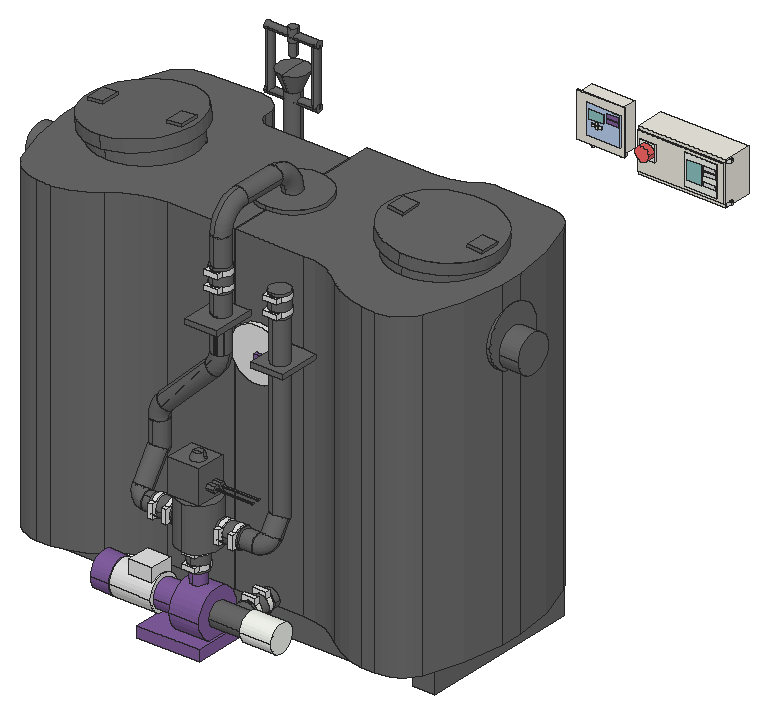
Revit family "93007.02_pvs 0", category Generic Models, Revit 2021 (continued)
Definition of nested family "93007.02_pvs 0_part3_X0Y0"
  Definition of nested family "93007.02_pvs 0_part3_content"
    Forms (mm)
      Extrusion 33, solid, detail levels medium+fine
        sketch origin (91, -498, 630) x (0, 1, 0) y (0, 0, 1)
          loop
            circle (0, 0) r 3
        from 0 to 160
      Extrusion 34, solid, detail levels medium+fine
        sketch origin (-239.211, -391, 799.711) x (0.5, 0.707107, -0.5) y (-0.5, 0.707107, 0.5)
          loop
            circle (0, 0) r 37.5
        from 0 to 297
      Revolve 35, solid, detail levels medium+fine
        sketch origin (-29.2, -391, 1009.721) x (-0.707107, 0, 0.707107) y (0, -1, 0)
          loop
            circle (0, 0) r 37.5
          axis (100, 0) -> (100, -1)
        angle from -45 to 0
      Extrusion 36, solid, detail levels medium+fine
        sketch origin (359, -502, 1160) x (0, 1, 0) y (0, 0, -1)
          loop
            line (187, 20.5) -> (187, 0) -> (374, 0) -> (374, 20.5) -> (187, 20.5)
        from 0 to 500
      Extrusion 37, solid, detail levels medium+fine
        sketch origin (115, -315, 1081) x (1, 0, 0) y (0, 0, 1)
          loop
            circle (0, 0) r 114
        from 0 to 25
      Extrusion 38, solid, detail levels medium+fine
        sketch origin (235, -340, 1069.25) x (0, -1, 0) y (0, 0, 1)
          loop
            line (0, 23.5) -> (0, 0) -> (15, 0) -> (15, 23.5) -> (0, 23.5)
        from 0 to 120
      Extrusion 39, solid, detail levels medium+fine
        sketch origin (359, -502, 1160) x (0, 1, 0) y (0, 0, -1)
          loop
            line (0, 20.5) -> (0, 0) -> (187, 0) -> (187, 20.5) -> (0, 20.5)
        from 0 to 138
      Extrusion 40, solid, detail levels medium+fine
        sketch origin (290, -432.5, 553) x (0, 1, 0) y (-1, 0, 0)
          loop
            circle (0, 0) r 37.5
        from 0 to 789
      Extrusion 41, solid, detail levels medium+fine
        sketch origin (290, -432.5, 1342) x (0, 1, 0) y (-1, 0, 0)
          loop
            circle (0, 0) r 42
        from 0 to 100
      Extrusion 42, solid, detail levels medium+fine
        sketch origin (290, -432.5, 1352) x (0, 1, 0) y (-1, 0, 0)
          loop
            circle (0, 0) r 45
        from 0 to 20
      Extrusion 43, solid, detail levels medium+fine
        sketch origin (290, -432.5, 1412) x (0, 1, 0) y (-1, 0, 0)
          loop
            circle (0, 0) r 45
        from 0 to 20
      Extrusion 44, solid, detail levels medium+fine
        sketch origin (260, -463.5, 1372) x (0, 0, -1) y (1, 0, 0)
          loop
            line (0, 60) -> (0, 0) -> (20, 0) -> (20, 60) -> (0, 60)
        from 0 to 25
      Extrusion 45, solid, detail levels medium+fine
        sketch origin (260, -463.5, 1432) x (0, 0, -1) y (1, 0, 0)
          loop
            line (0, 60) -> (0, 0) -> (20, 0) -> (20, 60) -> (0, 60)
        from 0 to 25
      Extrusion 46, solid, detail levels medium+fine
        sketch origin (8.34, 0, 113) x (0, 1, 0) y (-1, 0, 0)
          loop
            arc (-471.76, -729.79) -> (-448.276, -811.015) -> (-385.82, -868.01) r 155.787
            arc (-385.82, -868.01) -> (-221.541, -923.057) -> (-50.04, -947.66) r 959.405
            line (-50.04, -947.66) -> (49.96, -947.66)
            arc (49.96, -947.66) -> (221.865, -922.96) -> (386.5, -867.67) r 959.24
            arc (386.5, -867.67) -> (446.13, -814.948) -> (470.39, -739.14) r 149.993
            line (470.39, -739.14) -> (478.02, -511.19)
            arc (478.02, -511.19) -> (475.1, -484.299) -> (465.09, -459.17) r 100.14
            arc (465.09, -459.17) -> (421.394, -373.517) -> (405, -278.77) r 321.294
            line (405, -278.77) -> (405, 8.34) -> (-315, 8.34) -> (-315, -288.534)
            arc (-315, -288.534) -> (-336.062, -398.964) -> (-396.29, -493.89) r 300.032
            arc (-396.29, -493.89) -> (-447.086, -576.236) -> (-471.76, -669.79) r 329.328
            line (-471.76, -669.79) -> (-471.76, -729.79)
        from 0 to 1410
      Extrusion 47, solid, detail levels medium+fine
        sketch origin (-349.5, 314.99, 1244.2) x (0, 1, 0) y (0, 0, 1)
          loop
            line (0, 29.3) -> (0, 0) -> (110, 0) -> (110, 29.3) -> (0, 29.3)
        from 0 to 88
      Extrusion 48, solid, detail levels medium+fine
        sketch origin (-306, 386, 1128) x (1, 0, 0) y (0, 1, 0)
          loop
            circle (0, 0) r 31.5
        from 0 to 526.6
      Revolve 49, solid, detail levels medium+fine
        sketch origin (-111, 386, 1128) x (0, 1, 0) y (-1, 0, 0)
          loop
            circle (0, 0) r 31.5
          axis (0, 97.5) -> (-1, 97.5)
        angle from 0 to 180
      Extrusion 50, solid, detail levels medium+fine
        sketch origin (-111, 386, 1213.5) x (0, -1, 0) y (-1, 0, 0)
          loop
            circle (0, 0) r 31.5
        from 0 to 85.5
      Extrusion 51, solid, detail levels medium+fine
        sketch origin (-420.945, 385.499, 1619.316) x (0, 1, 0) y (0, 0, 1)
          loop
            circle (0, 0) r 15
        from 0 to 230
      Extrusion 52, solid, detail levels medium+fine
        sketch origin (-205.945, 385.499, 1868.316) x (1, 0, 0) y (0, -1, 0)
          loop
            circle (0, 0) r 15
        from 0 to 249
      Extrusion 53, solid, detail levels medium+fine
        sketch origin (-420.945, 385.499, 1619.316) x (0, 1, 0) y (0, 0, 1)
          loop
            circle (0, 249) r 15
        from 0 to 230
      Extrusion 54, solid, detail levels medium+fine
        sketch origin (-306, 386, 1845.9) x (1, 0, 0) y (0, 1, 0)
          loop
            circle (0, 0) r 19.25
        from 0 to 52
      Extrusion 55, solid, detail levels medium+fine
        sketch origin (-306, 386, 1787.9) x (1, 0, 0) y (0, 1, 0)
          loop
            circle (0, 0) r 14
        from 0 to 58
      Extrusion 56, solid, detail levels medium+fine
        sketch origin (-406.056, 385.499, 1868.316) x (1, 0, 0) y (0, -1, 0)
          loop
            circle (0, 0) r 15
        from 0 to 249
      Revolve 57, solid, detail levels medium+fine
        sketch origin (-306, 386, 1654.6) x (0, 0, 1) y (0, 1, 0)
          loop
            line (0, 0) -> (81, 0) -> (81, 65) -> (0, 31) -> (0, 0)
          axis (81, 0) -> (0, 0)
        angle from -360 to 0
      Extrusion 58, solid, detail levels medium+fine
        sketch origin (-10.5, -39.5, 113) x (1, 0, 0) y (0, 1, 0)
          loop
            line (-439.233, 490.866) -> (-401.23, 444.65) -> (-398.98, 401.88)
            arc (-398.98, 401.88) -> (-390.995, 360.34) -> (-349.1, 354.5) r 36.34
            line (-349.1, 354.5) -> (12.5, 354.349) -> (12.5, 444.5) -> (-278.77, 444.5)
            arc (-278.77, 444.5) -> (-362.02, 457.236) -> (-439.233, 490.866) r 326.113
        from 0 to 703
      Extrusion 59, solid, detail levels medium+fine
        sketch origin (-418.5, -305.5, 0) x (0, 1, 0) y (0, 0, 1)
          loop
            line (0, 113) -> (0, 0) -> (700, 0) -> (700, 113) -> (0, 113)
        from 0 to 990
      Extrusion 60, solid, detail levels medium+fine
        sketch origin (626.473, 0, 1292.371) x (0, 1, 0) y (-0.996195, 0, 0.087156)
          loop
            circle (0, 0) r 211
        from 0 to 282
      Extrusion 61, solid, detail levels medium+fine
        sketch origin (651.007, 0, 1572.8) x (0, 1, 0) y (-0.996195, 0, 0.087156)
          loop
            circle (0, 0) r 233
        from 0 to 51
      Extrusion 62, solid, detail levels medium+fine
        sketch origin (516.072, 41, 1635.799) x (0, -1, 0) y (0.087156, 0, 0.996195)
          loop
            line (0, 12) -> (0, 0) -> (82, 0) -> (82, 12) -> (0, 12)
        from 0 to 66
      Extrusion 63, solid, detail levels medium+fine
        sketch origin (795.006, -41, 1611.396) x (0, 1, 0) y (0.087156, 0, 0.996195)
          loop
            line (0, 12) -> (0, 0) -> (82, 0) -> (82, 12) -> (0, 12)
        from 0 to 66
      Extrusion 64, solid, detail levels medium+fine
        sketch origin (-626.473, 0, 1292.371) x (0, -1, 0) y (0.996195, 0, 0.087156)
          loop
            circle (0, 0) r 211
        from 0 to 282
      Extrusion 65, solid, detail levels medium+fine
        sketch origin (-651.007, 0, 1572.8) x (0, -1, 0) y (0.996195, 0, 0.087156)
          loop
            circle (0, 0) r 233
        from 0 to 51
      Extrusion 66, solid, detail levels medium+fine
        sketch origin (-516.072, -41, 1635.799) x (0, 1, 0) y (-0.087156, 0, 0.996195)
          loop
            line (0, 12) -> (0, 0) -> (82, 0) -> (82, 12) -> (0, 12)
        from 0 to 66
      Extrusion 67, solid, detail levels medium+fine
        sketch origin (-795.006, 40.993, 1611.396) x (0, -1, 0) y (-0.087156, 0, 0.996195)
          loop
            line (0, 12) -> (0, 0) -> (82, 0) -> (82, 12) -> (0, 12)
        from 0 to 66
      Extrusion 68, solid, detail levels medium+fine
        sketch origin (-111, 326, 1273.5) x (0, 0, -1) y (1, 0, 0)
          loop
            circle (0, 0) r 31.5
        from 0 to 11.1
      Revolve 69, solid, detail levels medium+fine
        sketch origin (-111, 326, 1273.5) x (0, 0, -1) y (-1, 0, 0)
          loop
            circle (0, 0) r 31.5
          axis (60, 0) -> (60, -1)
        angle from -90 to 0
      Extrusion 70, solid, detail levels medium+fine
        sketch origin (-931.79, 0, 1293) x (0, -1, 0) y (0, 0, 1)
          loop
            circle (0, 0) r 126.5
        from 0 to 34
      Extrusion 71, solid, detail levels medium+fine
        sketch origin (-965.79, 0, 1336) x (0, -1, 0) y (0, 0, 1)
          loop
            circle (0, 0) r 80
        from 0 to 137.5
      Extrusion 72, solid, detail levels medium+fine
        sketch origin (931.89, 0, 1305) x (0, 1, 0) y (0, 0, 1)
          loop
            circle (0, 0) r 126.5
        from 0 to 31
      Extrusion 73, solid, detail levels medium+fine
        sketch origin (962.88, 0, 1265) x (0, 1, 0) y (0, 0, 1)
          loop
            circle (0, 0) r 80
        from 0 to 87.5
      Extrusion 74, solid, detail levels medium+fine
        sketch origin (0, -391, 1080.641) x (0, 1, 0) y (-1, 0, 0)
          loop
            circle (0, 0) r 37.5
        from 0 to 458.76
      Extrusion 75, solid, detail levels medium+fine
        sketch origin (0, -391, 1331.5) x (0, 1, 0) y (-1, 0, 0)
          loop
            circle (0, 0) r 45
        from 0 to 20
      Extrusion 76, solid, detail levels medium+fine
        sketch origin (0, -391, 1321.5) x (0, 1, 0) y (-1, 0, 0)
          loop
            circle (0, 0) r 42
        from 0 to 100
      Extrusion 77, solid, detail levels medium+fine
        sketch origin (0, -391, 1391.5) x (0, 1, 0) y (-1, 0, 0)
          loop
            circle (0, 0) r 45
        from 0 to 20
      Extrusion 78, solid, detail levels medium+fine
        sketch origin (-30, -422, 1351.5) x (0, 0, -1) y (1, 0, 0)
          loop
            line (0, 60) -> (0, 0) -> (20, 0) -> (20, 60) -> (0, 60)
        from 0 to 25
      Extrusion 79, solid, detail levels medium+fine
        sketch origin (-30, -422, 1411.5) x (0, 0, -1) y (1, 0, 0)
          loop
            line (0, 60) -> (0, 0) -> (20, 0) -> (20, 60) -> (0, 60)
        from 0 to 25
      Revolve 80, solid, detail levels medium+fine
        sketch origin (0, -391, 1539) x (0, 1, 0) y (-1, 0, 0)
          loop
            circle (0, 0) r 37.5
          axis (100, 0) -> (100, -1)
        angle from -90 to 0
      Extrusion 81, solid, detail levels medium+fine
        sketch origin (154.75, -355.5, 135) x (0, 0, -1) y (1, 0, 0)
          loop
            circle (0, 0) r 2
        from -50 to 0
      Extrusion 82, solid, detail levels medium+fine
        sketch origin (154.75, -355.5, 135) x (0, 0, -1) y (1, 0, 0)
          loop
            circle (0, 0) r 45
        from 0 to 20
      Extrusion 83, solid, detail levels medium+fine
        sketch origin (184.75, -375.5, 166) x (0, 1, 0) y (-1, 0, 0)
          loop
            line (0, 60) -> (0, 0) -> (20, 0) -> (20, 60) -> (0, 60)
        from 0 to 25
      Extrusion 84, solid, detail levels medium+fine
        sketch origin (154.75, -345.5, 135) x (0, 0, -1) y (1, 0, 0)
          loop
            circle (0, 0) r 42
        from 0 to 100
      Extrusion 85, solid, detail levels medium+fine
        sketch origin (154.75, -514, 135) x (-1, 0, 0) y (0, 0, 1)
          loop
            circle (0, 0) r 40
        from 0 to 199
      Extrusion 86, solid, detail levels medium+fine
        sketch origin (154.75, -415.5, 135) x (0, 0, -1) y (1, 0, 0)
          loop
            circle (0, 0) r 45
        from 0 to 20
      Extrusion 87, solid, detail levels medium+fine
        sketch origin (184.75, -435.5, 166) x (0, 1, 0) y (-1, 0, 0)
          loop
            line (0, 60) -> (0, 0) -> (20, 0) -> (20, 60) -> (0, 60)
        from 0 to 25
      Extrusion 88, solid, detail levels medium+fine
        sketch origin (82.5, -514, 135) x (0, 1, 0) y (0, 0, 1)
          loop
            circle (0, 0) r 50
        from 0 to 144.5
      Extrusion 89, solid, detail levels medium+fine
        sketch origin (-47, -514, 135) x (0, 1, 0) y (0, 0, 1)
          loop
            circle (0, 0) r 101
        from 0 to 129.5
      Extrusion 90, solid, detail levels medium+fine
        sketch origin (0, -514, 284) x (-1, 0, 0) y (0, 1, 0)
          loop
            circle (0, 0) r 31.5
        from 0 to 149
      Extrusion 91, solid, detail levels medium+fine
        sketch origin (-152, -514, 135) x (0, 1, 0) y (0, 0, 1)
          loop
            circle (0, 0) r 60
        from 0 to 105
      Extrusion 92, solid, detail levels medium+fine
        sketch origin (97.5, -400, 0) x (0, -1, 0) y (0, 0, 1)
          loop
            line (0, 48) -> (0, 0) -> (230, 0) -> (230, 48) -> (0, 48)
        from 0 to 272
      Extrusion 93, solid, detail levels medium+fine
        sketch origin (0, -514, 284) x (0, 1, 0) y (-1, 0, 0)
          loop
            circle (0, 0) r 42
        from 0 to 100
      Extrusion 94, solid, detail levels medium+fine
        sketch origin (0, -514, 294) x (0, 1, 0) y (-1, 0, 0)
          loop
            circle (0, 0) r 45
        from 0 to 20
      Extrusion 95, solid, detail levels medium+fine
        sketch origin (0, -514, 354) x (0, 1, 0) y (-1, 0, 0)
          loop
            circle (0, 0) r 45
        from 0 to 20
      Extrusion 96, solid, detail levels medium+fine
        sketch origin (-30, -545, 314) x (0, 0, -1) y (1, 0, 0)
          loop
            line (0, 60) -> (0, 0) -> (20, 0) -> (20, 60) -> (0, 60)
        from 0 to 25
      Extrusion 97, solid, detail levels medium+fine
        sketch origin (-30, -545, 374) x (0, 0, -1) y (1, 0, 0)
          loop
            line (0, 60) -> (0, 0) -> (20, 0) -> (20, 60) -> (0, 60)
        from 0 to 25
      Extrusion 98, solid, detail levels medium+fine
        sketch origin (227, -514, 135) x (0, 1, 0) y (0, 0, 1)
          loop
            circle (0, 0) r 58.5
        from 0 to 135.5
      Extrusion 99, solid, detail levels medium+fine
        sketch origin (-333, -514, 135) x (0, 1, 0) y (0, 0, 1)
          loop
            circle (0, 0) r 73.5
        from 0 to 181
      Extrusion 100, solid, detail levels medium+fine
        sketch origin (-262, -564.5, 188.4) x (0, 1, 0) y (0, 0, 1)
          loop
            line (0, 60) -> (0, 0) -> (100, 0) -> (100, 60) -> (0, 60)
        from 0 to 100
      Extrusion 101, solid, detail levels medium+fine
        sketch origin (-413, -514, 135) x (0, 1, 0) y (0, 0, 1)
          loop
            circle (0, 0) r 73.5
        from 0 to 80
      Extrusion 102, solid, detail levels medium+fine
        sketch origin (771.5, -305.5, 0) x (0, 1, 0) y (0, 0, 1)
          loop
            line (0, 113) -> (0, 0) -> (700, 0) -> (700, 113) -> (0, 113)
        from 0 to 96
      Extrusion 103, solid, detail levels medium+fine
        sketch origin (0, 0, 1523) x (0, 1, 0) y (-1, 0, 0)
          loop
            circle (0, 0) r 148.5
        from 0 to 16.03
      Revolve 104, solid, detail levels medium+fine
        sketch origin (0, -0.5, 1539) x (0, -1, 0) y (1, 0, 0)
          loop
            circle (0, 0) r 37.5
          axis (100, 0) -> (100, -1)
        angle from -90 to 0
      Extrusion 105, solid, detail levels medium+fine
        sketch origin (0, -291, 1639) x (-1, 0, 0) y (0, 0, 1)
          loop
            circle (0, 0) r 37.5
        from 0 to 190.5
      Extrusion 106, solid, detail levels coarse
        sketch origin (-26.455, -75.971, 0) x (1, 0, 0) y (0, 1, 0)
          loop
            line (-1076.835, -554.029) -> (1076.835, -554.029) -> (1076.835, 554.029) -> (-1076.835, 554.029) -> (-1076.835, -554.029)
        from 0 to 1897.9
    Dimensions and locks
      aligned and locked: level to plane 2
